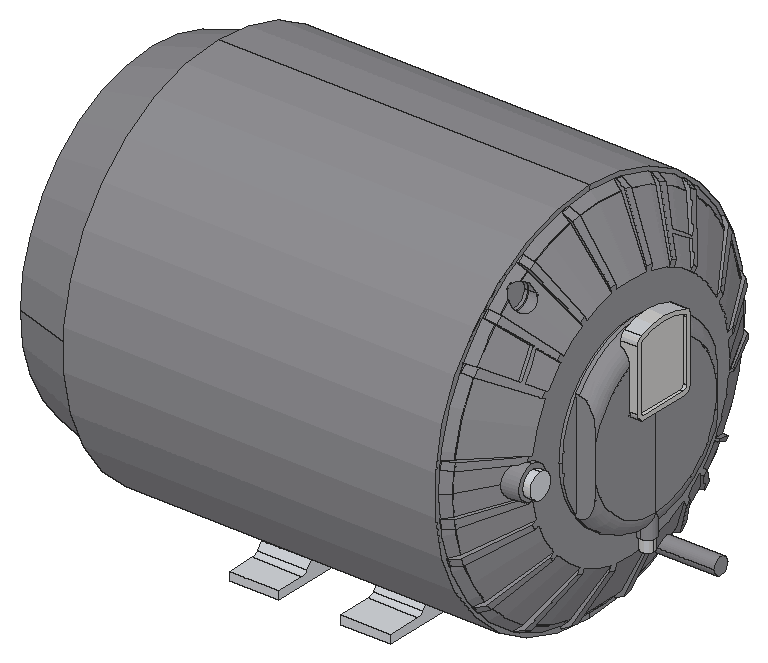
Revit family
Parameters (values of type "610 X 480")
  Outlet Pipe Radius = Outlet Pipe Diameter / 2  # 10 mm
  Heater Diameter = Height - 10 mm  # 470 mm
  Inlet Pipe Radius = Inlet Pipe Diameter / 2  # 10 mm
  Outlet Pipe Diameter = 20 mm
  Inlet Pipe Diameter = 20 mm
  URL = "http://www.autospec.co.za/browse.php?id=1937216687"
  Product Code = "ESG-050-D2-I"
  Operating Pressure = 600 kPa
  OmniClass Title = ""
  OmniClass Number = ""
  Modspec Classification = ""
  Specification = ""
  Material = Galvanised Steel Black
  Mass = "21 Kg"
  Location (revit room) = ""
  Model = "Water Heater Horizontal And Vertical Slimline 600 I Dual - 50 Litre"
  Manufacturer = "Kwikot"  # constant formula
  Length = 610 mm
  Height = 480 mm
  Element Rating = 2 kW
  Colour = none
  Capacity = 50.00 L
  Body Finish = none
  Base Mounting CRS = 135 mm
  Assembly Code = "D3010500"
Reference planes
  plane 1 "Center (Front/Back)": y = 0
  plane 2 "Bottom": z = 0
  plane 3 "Center (Left/Right)": x = 0
  plane 4 "Right": x = 610
  plane 5: y = 470
  plane 6 "Top": z = 480
  plane 7: x = 305
  plane 8: x = 530
  plane 9: x = 80
  plane 10: y = 235
  plane 11: x = 372.5
  plane 12: x = 237.5
  plane 13: z = 10
  plane 14: z = 245
  plane 15: y = 347.5
  plane 16: y = 122.5
  plane 17: x = 540
  plane 18: x = 580
Forms (mm)
  Extrusion 1, solid
    sketch origin (372.5, -1524, -304.8) x (0, 0, -1) y (0, -1, 0)
      loop
        line (-304.8, -1616.5) -> (-314.8, -1616.5) -> (-314.8, -1658.567)
        arc (-314.8, -1658.567) -> (-315.737, -1662.793) -> (-318.372, -1666.227) r 10
        line (-318.372, -1666.227) -> (-326.501, -1673.048)
        arc (-326.501, -1673.048) -> (-341.785, -1692.264) -> (-329.45, -1713.493) r 21.769
        arc (-329.45, -1713.493) -> (-325.46, -1776.227) -> (-338.982, -1837.617) r 225
        arc (-338.982, -1837.617) -> (-338.897, -1845.003) -> (-336.033, -1851.811) r 19.225
        line (-336.033, -1851.811) -> (-318.372, -1858.633)
        arc (-318.372, -1858.633) -> (-315.737, -1862.067) -> (-314.8, -1866.293) r 10
        line (-314.8, -1866.293) -> (-314.8, -1901.5) -> (-304.8, -1901.5) -> (-304.8, -1616.5)
    from -30 to 30
  Extrusion 2, solid, material "Galvanised Steel Black" <- "Material"
    sketch origin (610, -298.705, 1200) x (0, -1, 0) y (0, 0, 1)
      loop
        circle (-533.705, -955) r 110
    from 25 to 30
  Extrusion 3, solid, material "Galvanised Steel Black" <- "Material"
    sketch origin (540, -115.422, 1200) x (0, -1, 0) y (0, 0, 1)
      loop
        circle (-430.422, -1135) r 10
    from -85 to 0
  Extrusion 4, solid, material "Galvanised Steel Black" <- "Material"
    sketch origin (4267.2, -58.321, 240) x (0, -1, 0) y (1, 0, 0)
      loop
        circle (-293.321, -3667.2) r 10
    from -85 to -115
  Revolve 5, solid, material "Galvanised Steel Black" <- "Material"
    sketch origin (4267.2, 235, 635.249) x (0, 0, 1) y (1, 0, 0)
      loop
        line (-390.249, -4187.2) -> (-155.249, -4187.2) -> (-155.249, -3737.2) -> (-390.249, -3737.2) -> (-390.249, -4187.2)
      axis (-390.249, -3737.2) -> (-390.249, -4187.2)
    angle from 0 to 360
  Extrusion 6, solid
    sketch origin (237.5, -1524, -304.8) x (0, 0, -1) y (0, -1, 0)
      loop
        line (-314.8, -1901.5) -> (-304.8, -1901.5) -> (-304.8, -1616.5) -> (-314.8, -1616.5) -> (-314.8, -1651.707)
        arc (-314.8, -1651.707) -> (-315.737, -1655.933) -> (-318.372, -1659.367) r 10
        line (-318.372, -1659.367) -> (-326.501, -1666.189)
        arc (-326.501, -1666.189) -> (-329.74, -1671.289) -> (-329.45, -1677.325) r 10
        arc (-329.45, -1677.325) -> (-314.8, -1759) -> (-329.45, -1840.675) r 235
        arc (-329.45, -1840.675) -> (-329.74, -1846.711) -> (-326.501, -1851.811) r 10
        line (-326.501, -1851.811) -> (-318.372, -1858.633)
        arc (-318.372, -1858.633) -> (-315.737, -1862.067) -> (-314.8, -1866.293) r 10
        line (-314.8, -1866.293) -> (-314.8, -1901.5)
    from -30 to 30
  Revolve 7, solid, material "Galvanised Steel Black" <- "Material"
    sketch origin (4267.2, 235, 635.249) x (0, 0, 1) y (1, 0, 0)
      loop
        line (-390.249, -3682.2) -> (-277.749, -3682.2) -> (-277.749, -3677.2)
        arc (-277.749, -3677.2) -> (-283.606, -3663.058) -> (-297.749, -3657.2) r 20
        line (-297.749, -3657.2) -> (-390.249, -3657.2) -> (-390.249, -3682.2)
      axis (-390.249, -3682.2) -> (-390.249, -3657.2)
    angle from 0 to 360
  Blend 8, solid, material "Galvanised Steel Black" <- "Material"
    base sketch origin (80, -115.422, 1200) x (0, -1, 0) y (0, 0, 1)
      loop
        circle (-350.422, -955) r 225
    top sketch origin (80, -115.422, 1200) x (0, -1, 0) y (0, 0, 1)
      loop
        circle (-350.422, -955) r 200
    from 0 to 80
  Blend 9, solid, material "Galvanised Steel Black" <- "Material"
    base sketch origin (540, -115.422, 1200) x (0, -1, 0) y (0, 0, 1)
      loop
        circle (-350.422, -955) r 220
    top sketch origin (540, -115.422, 1200) x (0, -1, 0) y (0, 0, 1)
      loop
        circle (-350.422, -955) r 150
    from 0 to -40
  Extrusion 10, void
    sketch origin (610, -298.705, 1200) x (0, 1, 0) y (0, 0, 1)
      loop
        arc (443.705, -887.5) -> (421.205, -955) -> (443.705, -1022.5) r 112.5
        line (443.705, -1022.5) -> (443.705, -887.5)
      loop
        arc (626.49, -1021.286) -> (643.004, -989.955) -> (648.705, -955) r 110
        arc (648.705, -955) -> (643.007, -919.65) -> (626.49, -887.881) r 112.5
        line (626.49, -887.881) -> (626.49, -1021.286)
    from 0 to -25
  Extrusion 11, solid, material "Galvanised Steel Black" <- "Material"
    sketch origin (540, -115.422, 1200) x (0, -1, 0) y (0, 0, 1)
      loop
        line (-373.887, -806.847) -> (-386.402, -727.832)
        arc (-386.402, -727.832) -> (-391.349, -728.671) -> (-396.277, -729.617) r 230
        line (-396.277, -729.617) -> (-380.327, -808.011)
        arc (-380.327, -808.011) -> (-377.114, -807.394) -> (-373.887, -806.847) r 150
    from 10 to -40
  Extrusion 12, solid, material "Galvanised Steel Black" <- "Material"
    sketch origin (540, 886.843, 1025.975) x (0, -0.5, 0.866025) y (0, 0.866025, 0.5)
      loop
        line (-399.257, -813.172) -> (-425.303, -737.531)
        arc (-425.303, -737.531) -> (-430.029, -739.216) -> (-434.717, -741.004) r 230
        line (-434.717, -741.004) -> (-405.397, -815.437)
        arc (-405.397, -815.437) -> (-402.34, -814.271) -> (-399.257, -813.172) r 150
      loop
        line (-350.422, -805) -> (-350.422, -725)
        arc (-350.422, -725) -> (-355.44, -725.055) -> (-360.455, -725.219) r 230
        line (-360.455, -725.219) -> (-356.965, -805.143)
        arc (-356.965, -805.143) -> (-353.694, -805.036) -> (-350.422, -805) r 150
    from 10 to -40
  Extrusion 13, solid, material "Galvanised Steel Black" <- "Material"
    sketch origin (540, 1190, 595.422) x (0, 0, 1) y (0, 1, 0)
      loop
        line (-428.238, -826.763) -> (-469.74, -758.37)
        arc (-469.74, -758.37) -> (-471.878, -759.683) -> (-474.001, -761.02) r 230
        line (-474.001, -761.02) -> (-431.017, -828.491)
        arc (-431.017, -828.491) -> (-429.632, -827.62) -> (-428.238, -826.763) r 150
      loop
        line (-363.496, -805.571) -> (-370.468, -725.875)
        arc (-370.468, -725.875) -> (-372.966, -726.108) -> (-375.462, -726.367) r 230
        line (-375.462, -726.367) -> (-366.752, -805.892)
        arc (-366.752, -805.892) -> (-365.125, -805.722) -> (-363.496, -805.571) r 150
    from 10 to -40
  Extrusion 14, solid, material "Galvanised Steel Black" <- "Material"
    sketch origin (540, 1237.265, 70.975) x (0, 0.5, 0.866025) y (0, 0.866025, -0.5)
      loop
        line (-413.815, -819.054) -> (-447.624, -746.549)
        arc (-447.624, -746.549) -> (-452.149, -748.719) -> (-456.624, -750.988) r 230
        line (-456.624, -750.988) -> (-419.684, -821.948)
        arc (-419.684, -821.948) -> (-416.765, -820.469) -> (-413.815, -819.054) r 150
      loop
        line (-384.165, -808.844) -> (-402.161, -730.895)
        arc (-402.161, -730.895) -> (-407.037, -732.077) -> (-411.887, -733.365) r 230
        line (-411.887, -733.365) -> (-390.508, -810.455)
        arc (-390.508, -810.455) -> (-387.345, -809.615) -> (-384.165, -808.844) r 150
    from 10 to -40
  Extrusion 15, solid, material "Galvanised Steel Black" <- "Material"
    sketch origin (540, 585.422, -710) x (0, 1, 0) y (0, 0, -1)
      loop
        line (-373.887, -806.847) -> (-386.402, -727.832)
        arc (-386.402, -727.832) -> (-391.349, -728.671) -> (-396.277, -729.617) r 230
        line (-396.277, -729.617) -> (-380.327, -808.011)
        arc (-380.327, -808.011) -> (-377.114, -807.394) -> (-373.887, -806.847) r 150
      loop
        arc (-326.957, -806.847) -> (-323.731, -807.394) -> (-320.517, -808.011) r 150
        line (-320.517, -808.011) -> (-304.568, -729.617)
        arc (-304.568, -729.617) -> (-309.495, -728.671) -> (-314.442, -727.832) r 230
        line (-314.442, -727.832) -> (-326.957, -806.847)
    from 10 to -40
  Extrusion 16, solid, material "Galvanised Steel Black" <- "Material"
    sketch origin (540, 60.975, -757.265) x (0, 0.866025, -0.5) y (0, -0.5, -0.866025)
      loop
        line (-346.234, -805.058) -> (-344, -725.09)
        arc (-344, -725.09) -> (-349.017, -725.004) -> (-354.035, -725.028) r 230
        line (-354.035, -725.028) -> (-352.778, -805.019)
        arc (-352.778, -805.019) -> (-349.506, -805.003) -> (-346.234, -805.058) r 150
    from 10 to -40
  Extrusion 17, solid, material "Galvanised Steel Black" <- "Material"
    sketch origin (540, -416.843, -535.975) x (0, 0.5, -0.866025) y (0, -0.866025, -0.5)
      loop
        line (-372.594, -806.648) -> (-384.418, -727.526)
        arc (-384.418, -727.526) -> (-389.373, -728.322) -> (-394.308, -729.226) r 230
        line (-394.308, -729.226) -> (-379.044, -807.756)
        arc (-379.044, -807.756) -> (-375.825, -807.167) -> (-372.594, -806.648) r 150
      loop
        line (-320.763, -807.961) -> (-304.945, -729.541)
        arc (-304.945, -729.541) -> (-309.874, -728.603) -> (-314.822, -727.772) r 230
        line (-314.822, -727.772) -> (-327.205, -806.808)
        arc (-327.205, -806.808) -> (-323.978, -807.349) -> (-320.763, -807.961) r 150
    from 10 to -40
  Extrusion 18, solid, material "Galvanised Steel Black" <- "Material"
    sketch origin (540, -720, -105.422) x (0, 0, -1) y (0, -1, 0)
      loop
        line (-326.311, -806.951) -> (-313.451, -727.991)
        arc (-313.451, -727.991) -> (-318.412, -727.238) -> (-323.389, -726.594) r 230
        line (-323.389, -726.594) -> (-332.792, -806.04)
        arc (-332.792, -806.04) -> (-329.546, -806.46) -> (-326.311, -806.951) r 150
      loop
        arc (-374.534, -806.951) -> (-371.298, -806.46) -> (-368.053, -806.04) r 150
        line (-368.053, -806.04) -> (-377.456, -726.594)
        arc (-377.456, -726.594) -> (-382.432, -727.238) -> (-387.393, -727.991) r 230
        line (-387.393, -727.991) -> (-374.534, -806.951)
    from 10 to -40
  Extrusion 19, solid, material "Galvanised Steel Black" <- "Material"
    sketch origin (540, -767.265, 419.025) x (0, -0.5, -0.866025) y (0, -0.866025, 0.5)
      loop
        line (-389.245, -810.111) -> (-397.144, -780.63) -> (-361.221, -778.433) -> (-359.579, -805.28)
        arc (-359.579, -805.28) -> (-356.311, -805.116) -> (-353.04, -805.023) r 150
        line (-353.04, -805.023) -> (-354.436, -725.035)
        arc (-354.436, -725.035) -> (-359.452, -725.177) -> (-364.463, -725.429) r 230
        line (-364.463, -725.429) -> (-361.405, -775.439) -> (-397.937, -777.673) -> (-409.951, -732.837)
        arc (-409.951, -732.837) -> (-414.783, -734.189) -> (-419.585, -735.645) r 230
        line (-419.585, -735.645) -> (-395.528, -811.942)
        arc (-395.528, -811.942) -> (-392.397, -810.993) -> (-389.245, -810.111) r 150
    from 10 to -40
  Extrusion 20, solid, material "Galvanised Steel Black" <- "Material"
    sketch origin (540, -545.975, 896.843) x (0, -0.866025, -0.5) y (0, -0.5, 0.866025)
      loop
        line (-399.257, -813.172) -> (-425.303, -737.531)
        arc (-425.303, -737.531) -> (-430.029, -739.216) -> (-434.717, -741.004) r 230
        line (-434.717, -741.004) -> (-405.397, -815.437)
        arc (-405.397, -815.437) -> (-402.34, -814.271) -> (-399.257, -813.172) r 150
      loop
        line (-353.04, -805.023) -> (-354.436, -725.035)
        arc (-354.436, -725.035) -> (-359.452, -725.177) -> (-364.463, -725.429) r 230
        line (-364.463, -725.429) -> (-359.579, -805.28)
        arc (-359.579, -805.28) -> (-356.311, -805.116) -> (-353.04, -805.023) r 150
    from 10 to -40
  Revolve 21, void
    sketch origin (4267.2, 235, 635.249) x (0, 0, 1) y (1, 0, 0)
      loop
        line (-233.448, -3687.2) -> (-158.904, -3727.2) -> (-158.904, -3687.2) -> (-233.448, -3687.2)
      axis (-390.249, -3727.2) -> (-390.249, -3687.2)
    angle from 0 to 360
  Blend 22, solid, material "Galvanised Steel Black" <- "Material"
    base sketch origin (580, -1524, -304.8) x (0, 0, -1) y (0, -1, 0)
      loop
        circle (-549.8, -1603.132) r 20
    top sketch origin (580, -1524, -304.8) x (0, 0, -1) y (0, -1, 0)
      loop
        circle (-549.8, -1603.132) r 22.5
    from -5 to 18
  Blend 23, solid, material "Galvanised Steel Black"
    base sketch origin (530, -399, 1200) x (0, -1, 0) y (0, 0, 1)
      loop
        circle (-634, -955) r 230
    top sketch origin (530, -399, 1200) x (0, -1, 0) y (0, 0, 1)
      loop
        circle (-634, -955) r 220
    from 0 to -10
  Revolve 24, void
    sketch origin (4267.2, 235, 635.249) x (0, 0, 1) y (1, 0, 0)
      loop
        line (-167.22, -3722.2) -> (-159.15, -3736.178) -> (-159.15, -3722.2) -> (-167.22, -3722.2)
      axis (-390.249, -3736.178) -> (-390.249, -3722.2)
    angle from 0 to 360
  Extrusion 25, solid, material "Galvanised Steel Black" <- "Material"
    sketch origin (540, 1237.265, 419.025) x (0, 0.5, -0.866025) y (0, -0.866025, -0.5)
      loop
        arc (-434.843, 831.012) -> (-437.528, 832.883) -> (-440.171, 834.812) r 150
        line (-440.171, 834.812) -> (-488.037, 770.712)
        arc (-488.037, 770.712) -> (-483.984, 767.753) -> (-479.867, 764.884) r 230
        line (-479.867, 764.884) -> (-453.743, 803.253) -> (-420.856, 787.035) -> (-439.366, 742.894)
        arc (-439.366, 742.894) -> (-434.717, 741.004) -> (-430.029, 739.216) r 230
        line (-430.029, 739.216) -> (-402.34, 814.271)
        arc (-402.34, 814.271) -> (-405.397, 815.437) -> (-408.429, 816.67) r 150
        line (-408.429, 816.67) -> (-419.681, 789.836) -> (-452.02, 805.783) -> (-434.843, 831.012)
    from 10 to -40
  Extrusion 26, solid
    sketch origin (585, -1524, -304.8) x (0, 0, 1) y (0, -1, 0)
      loop
        circle (549.8, -1603.132) r 15
    from 0 to 10
  Extrusion 27, void
    sketch origin (540, -115.422, 1200) x (0, 1, 0) y (0, 0, 1)
      loop
        circle (229.589, -783.355) r 15
    from -5 to 30
  Extrusion 28, solid, material "Galvanised Steel"
    sketch origin (610, -298.705, 1200) x (0, -1, 0) y (0, 0, 1)
      loop
        arc (-503.705, -930) -> (-496.634, -927.071) -> (-493.705, -920) r 10
        line (-493.705, -920) -> (-493.705, -846.261)
        arc (-493.705, -846.261) -> (-495.339, -840.784) -> (-499.705, -837.096) r 10
        arc (-499.705, -837.096) -> (-533.705, -830) -> (-567.705, -837.096) r 85
        arc (-567.705, -837.096) -> (-572.072, -840.784) -> (-573.705, -846.261) r 10
        line (-573.705, -846.261) -> (-573.705, -920)
        arc (-573.705, -920) -> (-570.776, -927.071) -> (-563.705, -930) r 10
        line (-563.705, -930) -> (-503.705, -930)
    from -10 to 10
  Extrusion 29, void
    sketch origin (610, -298.705, 1200) x (0, 1, 0) y (0, 0, 1)
      loop
        line (568.705, -920) -> (568.705, -846.261)
        arc (568.705, -846.261) -> (567.889, -843.523) -> (565.705, -841.679) r 5
        arc (565.705, -841.679) -> (533.705, -835) -> (501.705, -841.679) r 80
        arc (501.705, -841.679) -> (499.522, -843.523) -> (498.705, -846.261) r 5
        line (498.705, -846.261) -> (498.705, -920)
        arc (498.705, -920) -> (500.17, -923.536) -> (503.705, -925) r 5
        line (503.705, -925) -> (563.705, -925)
        arc (563.705, -925) -> (567.241, -923.536) -> (568.705, -920) r 5
    from 5 to 10
  Extrusion 30, solid, material "Galvanised Steel"
    sketch origin (4267.2, -58.321, 125) x (1, 0, 0) y (0, -1, 0)
      loop
        circle (-3667.2, -293.321) r 8
    from 0 to 15
Cuts and joins
  Extrusion 10 cuts Extrusion 4
  Extrusion 10 cuts Revolve 7
  joined: Extrusion 4, Revolve 7
  Revolve 21, Extrusion 27 cuts Revolve 5
  Revolve 21, Extrusion 27 cuts Blend 9
  Revolve 21, Revolve 24, Extrusion 27 cuts Extrusion 11
  Revolve 21, Revolve 24, Extrusion 27 cuts Extrusion 12
  Revolve 21, Revolve 24, Extrusion 27 cuts Extrusion 13
  Revolve 21, Revolve 24, Extrusion 27 cuts Extrusion 14
  Revolve 21, Revolve 24, Extrusion 27 cuts Extrusion 15
  Revolve 21, Revolve 24, Extrusion 27 cuts Extrusion 16
  Revolve 21, Revolve 24, Extrusion 27 cuts Extrusion 17
  Revolve 21, Revolve 24, Extrusion 27 cuts Extrusion 18
  Revolve 21, Revolve 24, Extrusion 27 cuts Extrusion 19
  Revolve 21, Revolve 24, Extrusion 27 cuts Extrusion 20
  Extrusion 27 cuts Blend 22
  joined: Revolve 5, Blend 9, Extrusion 11, Extrusion 12, Extrusion 13, Extrusion 14, Extrusion 15, Extrusion 16, Extrusion 17, Extrusion 18, Extrusion 19, Extrusion 20, Blend 22
  Revolve 21 cuts Extrusion 2
  Revolve 24 cuts Extrusion 3
  Revolve 24, Extrusion 27 cuts Blend 23
  Revolve 21, Revolve 24 cuts Extrusion 25
  Extrusion 29 cuts Extrusion 28
Lines and regions (mm)
  symbolic lines
    curve 1: line (80, 470, 480) -> (80, 0, 480)
    curve 2: line (530, 470, 480) -> (530, 0, 480)
    curve 3: line (585, 125, 480) -> (585, 345, 480)
    curve 4: line (610, 145, 480) -> (610, 327.785, 480)
    curve 5: line (80, 470, 480) -> (530, 470, 480)
    curve 6: line (80, 0, 480) -> (530, 0, 480)
    curve 7: line (585, 125, 480) -> (580, 125, 480)
    curve 8: line (585, 345, 480) -> (580, 345, 480)
    curve 9: line (585, 145, 480) -> (610, 145, 480)
    curve 10: line (585, 327.785, 480) -> (610, 327.785, 480)
    curve 11: line (0, 435, 480) -> (0, 35, 480)
    curve 12: line (540, 455, 480) -> (540, 15, 480)
    curve 13: line (580, 85.229, 480) -> (580, 387.223, 480)
    curve 14: line (540, 455, 480) -> (580, 387.223, 480)
    curve 15: line (540, 15, 480) -> (580, 85.229, 480)
    curve 16: line (0, 435, 480) -> (80, 460.005, 480)
    curve 17: line (0, 35, 480) -> (80, 10.01, 480)
    curve 18: line (625, 305, 480) -> (625, 325, 480)
    curve 19: line (625, 325, 480) -> (580, 325, 480)
    curve 20: line (625, 305, 480) -> (580, 305, 480)
    curve 21: line (540, 455, 480) -> (530, 465, 480)
    curve 22: line (540, 15, 480) -> (530, 5, 480)
    curve 23: line (595, 64.132, 480) -> (595, 94.132, 480)
    curve 24: line (585, 59.132, 480) -> (585, 99.132, 480)
    curve 25: line (595, 94.132, 480) -> (585, 94.132, 480)
    curve 26: line (595, 64.132, 480) -> (585, 64.132, 480)
    curve 27: line (585, 99.132, 480) -> (580, 99.746, 480)
    curve 28: line (585, 59.132, 480) -> (563.91, 56.842, 480)
    curve 29: arc (600, 225, 480) -> (610, 235, 480) -> (600, 245, 480) r 10
    curve 30: arc (600, 245, 480) -> (590, 235, 480) -> (600, 225, 480) r 10
    curve 31: line (620, 195, 480) -> (620, 275, 480)
    curve 32: line (600, 275, 480) -> (600, 195, 480)
    curve 33: line (620, 275, 480) -> (600, 275, 480)
    curve 34: line (620, 195, 480) -> (600, 195, 480)
    curve 35: line (615, 270, 480) -> (615, 200, 480)
    curve 36: line (615, 270, 480) -> (620, 270, 480)
    curve 37: line (615, 200, 480) -> (620, 200, 480)
  symbolic lines, detail levels medium+fine
    curve 38: arc (608, 235, 480) -> (600, 227, 480) -> (592, 235, 480) r 8
    curve 39: arc (592, 235, 480) -> (600, 243, 480) -> (608, 235, 480) r 8
Dimensions and locks
  "Length": plane 3 "Center (Left/Right)" to plane 4 "Right"
  "Height": plane 6 "Top" to plane 2 "Bottom"
  equal spacing: plane 3 "Center (Left/Right)", plane 7, plane 4 "Right"
  plane 8 to plane 4 "Right" = 80 mm
  plane 3 "Center (Left/Right)" to plane 9 = 80 mm
  "Base Mounting CRS": plane 12 to plane 11
  equal spacing: plane 12, plane 7, plane 11
  Extrusion 3 sketch curve to plane 2 "Bottom" = 65 mm
  Extrusion 3 sketch curve to plane 5 = 155 mm
  Extrusion 4 sketch curve to plane 4 "Right" = 10 mm
  "Heater Diameter": plane 6 "Top" to plane 13
  equal spacing: plane 6 "Top", plane 14, plane 13
  "Heater Diameter": plane 1 "Center (Front/Back)" to plane 5
  equal spacing: plane 1 "Center (Front/Back)", plane 10, plane 5
  plane 16 to plane 15 = 225 mm
  plane 15 to plane 16 = 225 mm
  equal spacing: plane 15, plane 10, plane 16
  plane 18 to plane 4 "Right" = 30 mm
  plane 17 to plane 18 = 40 mm
  Extrusion 28 sketch curve to plane 10 = 40 mm
  plane 10 to Extrusion 28 sketch curve = 40 mm
  "Inlet Pipe Radius": radius of Extrusion 3 sketch curve
  aligned and locked: level to plane 2 "Bottom"
  aligned and locked: level to Extrusion 1 sketch curve
  aligned: Extrusion 2 to Extrusion 3
  aligned: Extrusion 3 to plane 4 "Right"
  aligned and locked: plane 10 to Extrusion 4 sketch curve
  aligned and locked: curve 3 to Extrusion 2
  aligned and locked: plane 14 to Revolve 5 sketch curve
  aligned and locked: Revolve 5 sketch curve to plane 9
  aligned and locked: Revolve 5 sketch curve to plane 6 "Top"
  aligned and locked: plane 8 to Revolve 5 sketch curve
  aligned and locked: Revolve 5 sketch curve to plane 14
  aligned and locked: plane 1 "Center (Front/Back)" to curve 6
  aligned and locked: Extrusion 6 sketch curve to Extrusion 1  (x5)
  aligned and locked: plane 14 to Extrusion 2 sketch curve
  aligned and locked: plane 10 to Extrusion 2 sketch curve
  aligned and locked: Revolve 7 sketch curve to Extrusion 2  (x2)
  aligned and locked: plane 4 "Right" to Revolve 7 sketch curve
  aligned and locked: plane 14 to Revolve 7 sketch curve
  aligned and locked: plane 17 to Blend 9
  aligned and locked: Extrusion 10 sketch curve to cut or joined group of Extrusion 4, Revolve 7, Extrusion 10
  aligned and locked: Extrusion 10 to Extrusion 2
  aligned and locked: plane 14 to Revolve 21 sketch curve
  aligned: cut or joined group of Revolve 5, Blend 9, Extrusion 11, Extrusion 12, Extrusion 13, Extrusion 14, Extrusion 15, Extrusion 16, Extrusion 17, Extrusion 18, Extrusion 19, Extrusion 20, Revolve 21, Blend 22, Revolve 24, Extrusion 27 to plane 18
  aligned: plane 18 to cut or joined group of Extrusion 2, Revolve 21
  aligned and locked: curve 29 to cut or joined group of Extrusion 4, Revolve 7, Extrusion 10
  aligned and locked: curve 30 to cut or joined group of Extrusion 4, Revolve 7, Extrusion 10
  aligned and locked: curve 31 to cut or joined group of Extrusion 28, Extrusion 29
  aligned and locked: curve 32 to cut or joined group of Extrusion 28, Extrusion 29
  aligned and locked: curve 33 to cut or joined group of Extrusion 28, Extrusion 29
  aligned and locked: curve 34 to cut or joined group of Extrusion 28, Extrusion 29
  aligned and locked: curve 35 to cut or joined group of Extrusion 28, Extrusion 29
  aligned and locked: curve 36 to cut or joined group of Extrusion 28, Extrusion 29
  aligned and locked: curve 37 to cut or joined group of Extrusion 28, Extrusion 29
  aligned and locked: curve 38 to Extrusion 30
  aligned and locked: curve 39 to Extrusion 30
Automatic sketch dimensions
  Extrusion 1 sketch curve to plane 10 = 0 mm
  Extrusion 1 sketch curve to plane 14 = 0 mm
  Extrusion 1 sketch curve to plane 13 = 0 mm  (x2)
  plane 13 to Extrusion 1 sketch curve = 24.182 mm
  Extrusion 1 sketch curve to Extrusion 1 sketch curve = 2.949 mm
  plane 13 to Extrusion 1 sketch curve = 14.65 mm
  plane 13 to Extrusion 1 sketch curve = 11.701 mm
  plane 13 to Extrusion 1 sketch curve = 10 mm  (x2)
  plane 13 to Extrusion 1 sketch curve = 5.273 mm  (x2)
  plane 13 to Extrusion 1 sketch curve = 3.572 mm  (x2)
  plane 10 to Extrusion 1 sketch curve = 78.617 mm
  Extrusion 1 sketch curve to Extrusion 1 sketch curve = 3.476 mm
  Extrusion 1 sketch curve to plane 15 = 12.867 mm
  plane 15 to Extrusion 1 sketch curve = 30 mm
  Extrusion 1 sketch curve to Extrusion 1 sketch curve = 19.646 mm
  Extrusion 1 sketch curve to Extrusion 1 sketch curve = 6.821 mm
  Extrusion 1 sketch curve to plane 16 = 30 mm
  Revolve 5 sketch curve to plane 3 "Center (Left/Right)" = 30 mm
  Revolve 5 sketch curve to plane 4 "Right" = 40 mm
  Extrusion 6 sketch curve to plane 10 = 0 mm
  Extrusion 6 sketch curve to plane 14 = 0 mm
  plane 13 to Extrusion 6 sketch curve = 14.65 mm  (x2)
  Extrusion 6 sketch curve to Extrusion 6 sketch curve = 0 mm  (x2)
  Extrusion 6 sketch curve to Extrusion 6 sketch curve = 2.949 mm  (x2)
  plane 16 to Extrusion 6 sketch curve = 5.207 mm
  Extrusion 6 sketch curve to Extrusion 6 sketch curve = 10 mm
  plane 13 to Extrusion 6 sketch curve = 5.273 mm  (x2)
  plane 13 to Extrusion 6 sketch curve = 3.572 mm  (x2)
  Extrusion 6 sketch curve to Extrusion 6 sketch curve = 6.821 mm
  Blend 8 sketch curve to plane 10 = 0 mm  (x2)
  Blend 8 sketch curve to plane 14 = 0 mm  (x2)
  Blend 9 sketch curve to plane 10 = 0 mm  (x2)
  Blend 9 sketch curve to plane 14 = 0 mm  (x2)
  plane 16 to Extrusion 10 sketch curve = 22.5 mm
  Extrusion 11 sketch curve to Extrusion 11 sketch curve = 0 mm  (x4)
  plane 10 to Extrusion 11 sketch curve = 23.465 mm
  Extrusion 11 sketch curve to Extrusion 11 sketch curve = 6.44 mm
  Extrusion 11 sketch curve to plane 6 "Top" = 7.832 mm
  plane 10 to Extrusion 11 sketch curve = 35.98 mm
  Extrusion 11 sketch curve to plane 6 "Top" = 9.617 mm
  Extrusion 13 sketch curve to Extrusion 13 sketch curve = 0 mm  (x12)
  Extrusion 13 sketch curve to plane 10 = 0 mm
  Extrusion 13 sketch curve to plane 14 = 0 mm
  Extrusion 13 sketch curve to plane 14 = 13.073 mm
  Extrusion 13 sketch curve to Extrusion 13 sketch curve = 3.257 mm
  Extrusion 13 sketch curve to plane 5 = 5.875 mm
  Extrusion 13 sketch curve to plane 14 = 20.046 mm
  Extrusion 13 sketch curve to plane 5 = 6.367 mm
  plane 15 to Extrusion 13 sketch curve = 15.737 mm
  Extrusion 13 sketch curve to Extrusion 13 sketch curve = 61.486 mm
  Extrusion 13 sketch curve to Extrusion 13 sketch curve = 2.779 mm
  Extrusion 13 sketch curve to plane 5 = 38.37 mm
  Extrusion 13 sketch curve to Extrusion 13 sketch curve = 41.502 mm
  Extrusion 13 sketch curve to Extrusion 13 sketch curve = 4.261 mm
  plane 15 to Extrusion 13 sketch curve = 36.608 mm
  Extrusion 14 sketch curve to Extrusion 14 sketch curve = 0 mm  (x12)
  Extrusion 14 sketch curve to plane 10 = 0 mm
  Extrusion 14 sketch curve to plane 14 = 0 mm
  Extrusion 14 sketch curve to Extrusion 14 sketch curve = 33.743 mm
  Extrusion 14 sketch curve to Extrusion 14 sketch curve = 6.343 mm
  Extrusion 14 sketch curve to Extrusion 14 sketch curve = 17.996 mm
  Extrusion 14 sketch curve to Extrusion 14 sketch curve = 9.726 mm
  Extrusion 14 sketch curve to Extrusion 14 sketch curve = 23.307 mm
  Extrusion 14 sketch curve to Extrusion 14 sketch curve = 5.87 mm
  Extrusion 14 sketch curve to Extrusion 14 sketch curve = 35.737 mm
  Extrusion 14 sketch curve to Extrusion 14 sketch curve = 9 mm
  Extrusion 14 sketch curve to Extrusion 14 sketch curve = 133.052 mm
  Extrusion 14 sketch curve to Extrusion 14 sketch curve = 8.598 mm
  Extrusion 14 sketch curve to Extrusion 14 sketch curve = 70.961 mm
  Extrusion 14 sketch curve to Extrusion 14 sketch curve = 13.184 mm
  Extrusion 15 sketch curve to Extrusion 15 sketch curve = 0 mm  (x12)
  Extrusion 15 sketch curve to plane 10 = 0 mm
  Extrusion 15 sketch curve to plane 14 = 0 mm
  Extrusion 15 sketch curve to plane 10 = 23.465 mm
  Extrusion 15 sketch curve to Extrusion 15 sketch curve = 6.44 mm  (x2)
  plane 13 to Extrusion 15 sketch curve = 7.832 mm  (x2)
  Extrusion 15 sketch curve to plane 10 = 35.98 mm
  plane 13 to Extrusion 15 sketch curve = 9.617 mm  (x2)
  plane 10 to Extrusion 15 sketch curve = 23.465 mm
  plane 10 to Extrusion 15 sketch curve = 35.98 mm
  Extrusion 15 sketch curve to Extrusion 15 sketch curve = 78.394 mm
  Extrusion 15 sketch curve to Extrusion 15 sketch curve = 1.165 mm
  Extrusion 16 sketch curve to Extrusion 16 sketch curve = 0 mm  (x2)
  Extrusion 16 sketch curve to plane 10 = 0 mm
  Extrusion 16 sketch curve to plane 14 = 0 mm
  Extrusion 16 sketch curve to Extrusion 16 sketch curve = 2.356 mm
  Extrusion 16 sketch curve to Extrusion 16 sketch curve = 1.257 mm
  Extrusion 16 sketch curve to Extrusion 16 sketch curve = 6.544 mm
  Extrusion 16 sketch curve to Extrusion 16 sketch curve = 10.035 mm
  Extrusion 16 sketch curve to Extrusion 16 sketch curve = 149.942 mm
  Extrusion 16 sketch curve to Extrusion 16 sketch curve = 79.969 mm
  Extrusion 17 sketch curve to Extrusion 17 sketch curve = 0 mm  (x12)
  Extrusion 17 sketch curve to plane 10 = 0 mm
  Extrusion 17 sketch curve to plane 14 = 0 mm
  Extrusion 17 sketch curve to Extrusion 17 sketch curve = 22.171 mm
  Extrusion 17 sketch curve to Extrusion 17 sketch curve = 6.45 mm
  Extrusion 17 sketch curve to Extrusion 17 sketch curve = 11.825 mm
  Extrusion 17 sketch curve to Extrusion 17 sketch curve = 9.89 mm
  Extrusion 17 sketch curve to Extrusion 17 sketch curve = 45.389 mm
  Extrusion 17 sketch curve to Extrusion 17 sketch curve = 6.442 mm
  Extrusion 17 sketch curve to Extrusion 17 sketch curve = 69.596 mm
  Extrusion 17 sketch curve to Extrusion 17 sketch curve = 9.878 mm
  Extrusion 17 sketch curve to Extrusion 17 sketch curve = 147.039 mm
  Extrusion 17 sketch curve to Extrusion 17 sketch curve = 0.948 mm
  Extrusion 17 sketch curve to Extrusion 17 sketch curve = 78.421 mm
  Extrusion 17 sketch curve to Extrusion 17 sketch curve = 1.454 mm
  Extrusion 18 sketch curve to Extrusion 18 sketch curve = 0 mm  (x12)
  Extrusion 18 sketch curve to plane 10 = 0 mm
  Extrusion 18 sketch curve to plane 14 = 0 mm
  plane 14 to Extrusion 18 sketch curve = 17.631 mm
  Extrusion 18 sketch curve to Extrusion 18 sketch curve = 6.481 mm  (x2)
  Extrusion 18 sketch curve to plane 1 "Center (Front/Back)" = 6.594 mm  (x2)
  plane 14 to Extrusion 18 sketch curve = 27.034 mm
  Extrusion 18 sketch curve to plane 1 "Center (Front/Back)" = 7.991 mm  (x2)
  Extrusion 18 sketch curve to plane 14 = 17.631 mm
  Extrusion 18 sketch curve to plane 14 = 27.034 mm
  Extrusion 18 sketch curve to plane 16 = 35.549 mm  (x2)
  Extrusion 19 sketch curve to Extrusion 19 sketch curve = 0 mm  (x12)
  Extrusion 19 sketch curve to plane 10 = 0 mm
  Extrusion 19 sketch curve to plane 14 = 0 mm
  Extrusion 19 sketch curve to Extrusion 19 sketch curve = 2.618 mm
  Extrusion 19 sketch curve to Extrusion 19 sketch curve = 1.396 mm
  Extrusion 19 sketch curve to Extrusion 19 sketch curve = 6.539 mm
  Extrusion 19 sketch curve to Extrusion 19 sketch curve = 1.642 mm
  Extrusion 19 sketch curve to Extrusion 19 sketch curve = 0.183 mm
  Extrusion 19 sketch curve to Extrusion 19 sketch curve = 10.027 mm
  Extrusion 19 sketch curve to Extrusion 19 sketch curve = 29.666 mm
  Extrusion 19 sketch curve to Extrusion 19 sketch curve = 6.283 mm
  Extrusion 19 sketch curve to Extrusion 19 sketch curve = 7.899 mm
  Extrusion 19 sketch curve to Extrusion 19 sketch curve = 0.792 mm
  Extrusion 19 sketch curve to Extrusion 19 sketch curve = 45.487 mm
  Extrusion 19 sketch curve to Extrusion 19 sketch curve = 9.634 mm
  Extrusion 19 sketch curve to Extrusion 19 sketch curve = 143.058 mm
  Extrusion 19 sketch curve to Extrusion 19 sketch curve = 4.831 mm
  Extrusion 19 sketch curve to Extrusion 19 sketch curve = 29.481 mm
  Extrusion 19 sketch curve to Extrusion 19 sketch curve = 2.957 mm
  Extrusion 19 sketch curve to Extrusion 19 sketch curve = 2.994 mm
  Extrusion 19 sketch curve to Extrusion 19 sketch curve = 42.028 mm
  Extrusion 20 sketch curve to Extrusion 20 sketch curve = 0 mm  (x12)
  Extrusion 20 sketch curve to plane 10 = 0 mm
  Extrusion 20 sketch curve to plane 14 = 0 mm
  Extrusion 20 sketch curve to Extrusion 20 sketch curve = 2.618 mm
  Extrusion 20 sketch curve to Extrusion 20 sketch curve = 1.396 mm
  Extrusion 20 sketch curve to Extrusion 20 sketch curve = 6.539 mm
  Extrusion 20 sketch curve to Extrusion 20 sketch curve = 10.027 mm
  Extrusion 20 sketch curve to Extrusion 20 sketch curve = 39.678 mm
  Extrusion 20 sketch curve to Extrusion 20 sketch curve = 6.14 mm
  Extrusion 20 sketch curve to Extrusion 20 sketch curve = 60.84 mm
  Extrusion 20 sketch curve to Extrusion 20 sketch curve = 9.415 mm
  Extrusion 20 sketch curve to Extrusion 20 sketch curve = 139.563 mm
  Extrusion 20 sketch curve to Extrusion 20 sketch curve = 7.892 mm
  Extrusion 20 sketch curve to Extrusion 20 sketch curve = 74.433 mm
  Extrusion 20 sketch curve to Extrusion 20 sketch curve = 12.102 mm
  plane 18 to Revolve 21 sketch curve = 0 mm
  plane 17 to Revolve 21 sketch curve = 0 mm
  Revolve 21 sketch curve to plane 6 "Top" = 78.199 mm
  Revolve 21 sketch curve to plane 6 "Top" = 3.655 mm
  plane 8 to Revolve 21 sketch curve = 30 mm
  Revolve 21 sketch curve to plane 4 "Right" = 30 mm
  Blend 22 sketch curve to plane 14 = 0 mm  (x2)
  Blend 22 sketch curve to plane 16 = 43.368 mm  (x2)
  Blend 23 sketch curve to plane 10 = 0 mm  (x2)
  Blend 23 sketch curve to plane 14 = 0 mm  (x2)
  Revolve 24 sketch curve to plane 14 = 0 mm
  Revolve 24 sketch curve to plane 17 = 5 mm
  Revolve 24 sketch curve to plane 6 "Top" = 11.971 mm
  Revolve 24 sketch curve to plane 8 = 1.022 mm
  Revolve 24 sketch curve to plane 6 "Top" = 3.901 mm
  plane 8 to Revolve 24 sketch curve = 20 mm
  Revolve 24 sketch curve to plane 4 "Right" = 5 mm
  Extrusion 11 sketch curve to plane 10 = 0 mm
  Extrusion 11 sketch curve to plane 14 = 0 mm
  Extrusion 11 sketch curve to Extrusion 11 sketch curve = 78.394 mm
  Extrusion 25 sketch curve to Extrusion 25 sketch curve = 0 mm  (x12)
  Extrusion 25 sketch curve to plane 10 = 0 mm
  Extrusion 25 sketch curve to plane 14 = 0 mm
  Extrusion 25 sketch curve to Extrusion 25 sketch curve = 51.918 mm
  Extrusion 25 sketch curve to Extrusion 25 sketch curve = 6.089 mm
  Extrusion 25 sketch curve to Extrusion 25 sketch curve = 11.252 mm
  Extrusion 25 sketch curve to Extrusion 25 sketch curve = 1.175 mm
  Extrusion 25 sketch curve to Extrusion 25 sketch curve = 9.173 mm
  Extrusion 25 sketch curve to Extrusion 25 sketch curve = 26.414 mm
  Extrusion 25 sketch curve to Extrusion 25 sketch curve = 9.337 mm
  Extrusion 25 sketch curve to Extrusion 25 sketch curve = 5.328 mm
  Extrusion 25 sketch curve to Extrusion 25 sketch curve = 17.177 mm
  Extrusion 25 sketch curve to Extrusion 25 sketch curve = 1.723 mm
  Extrusion 25 sketch curve to Extrusion 25 sketch curve = 40.502 mm
  Extrusion 25 sketch curve to Extrusion 25 sketch curve = 8.17 mm
  Extrusion 25 sketch curve to Extrusion 25 sketch curve = 120.188 mm
  Extrusion 25 sketch curve to Extrusion 25 sketch curve = 14.342 mm
  Extrusion 25 sketch curve to Extrusion 25 sketch curve = 25.228 mm
  Extrusion 25 sketch curve to Extrusion 25 sketch curve = 2.531 mm
  Extrusion 25 sketch curve to Extrusion 25 sketch curve = 26.834 mm
  Extrusion 25 sketch curve to Extrusion 25 sketch curve = 2.801 mm
  Extrusion 25 sketch curve to Extrusion 25 sketch curve = 32.541 mm
  Extrusion 25 sketch curve to Extrusion 25 sketch curve = 21.991 mm
  Extrusion 12 sketch curve to Extrusion 12 sketch curve = 0 mm  (x12)
  Extrusion 12 sketch curve to plane 10 = 0 mm
  Extrusion 12 sketch curve to plane 14 = 0 mm
  Extrusion 12 sketch curve to Extrusion 12 sketch curve = 6.543 mm
  Extrusion 12 sketch curve to Extrusion 12 sketch curve = 10.032 mm
  Extrusion 12 sketch curve to Extrusion 12 sketch curve = 42.292 mm
  Extrusion 12 sketch curve to Extrusion 12 sketch curve = 6.14 mm
  Extrusion 12 sketch curve to Extrusion 12 sketch curve = 64.848 mm
  Extrusion 12 sketch curve to Extrusion 12 sketch curve = 9.415 mm
  Extrusion 12 sketch curve to Extrusion 12 sketch curve = 139.563 mm
  Extrusion 12 sketch curve to Extrusion 12 sketch curve = 8.029 mm
  Extrusion 12 sketch curve to Extrusion 12 sketch curve = 74.433 mm
  Extrusion 12 sketch curve to Extrusion 12 sketch curve = 12.312 mm
  Extrusion 27 sketch curve to plane 16 = 8.334 mm
  Extrusion 27 sketch curve to plane 6 "Top" = 63.355 mm
  Revolve 7 sketch curve to plane 6 "Top" = 142.5 mm
  Revolve 7 sketch curve to plane 18 = 10 mm
  Revolve 7 sketch curve to plane 17 = 15 mm
  Revolve 7 sketch curve to plane 4 "Right" = 15 mm
  Extrusion 10 sketch curve to Extrusion 10 sketch curve = 2.5 mm
  Extrusion 10 sketch curve to Extrusion 10 sketch curve = 0 mm
  Extrusion 10 sketch curve to plane 15 = 19.715 mm
  Extrusion 10 sketch curve to Extrusion 10 sketch curve = 5 mm
  plane 15 to Extrusion 10 sketch curve = 2.5 mm
  Extrusion 28 sketch curve to plane 10 = 0 mm
  Extrusion 28 sketch curve to Extrusion 28 sketch curve = 0 mm  (x2)
  Extrusion 28 sketch curve to Extrusion 28 sketch curve = 4 mm
  Extrusion 28 sketch curve to Extrusion 28 sketch curve = 10 mm  (x3)
  plane 14 to Extrusion 28 sketch curve = 25 mm
  Extrusion 28 sketch curve to Extrusion 28 sketch curve = 5 mm
  Extrusion 28 sketch curve to Extrusion 28 sketch curve = 6 mm
  Extrusion 29 sketch curve to plane 10 = 0 mm
  Extrusion 29 sketch curve to plane 10 = 30 mm
  Extrusion 29 sketch curve to Extrusion 29 sketch curve = 2 mm
  Extrusion 29 sketch curve to Extrusion 29 sketch curve = 5 mm  (x4)
  plane 10 to Extrusion 29 sketch curve = 30 mm
  plane 10 to Extrusion 29 sketch curve = 32 mm
  plane 14 to Extrusion 29 sketch curve = 30 mm
  Extrusion 29 sketch curve to Extrusion 29 sketch curve = 4.583 mm  (x2)
  curve 10 to plane 4 "Right" = 0 mm
  curve 8 to plane 18 = 0 mm
  curve 14 to plane 17 = 0 mm
  curve 22 to plane 8 = 0 mm
  curve 1 to plane 9 = 0 mm
  curve 11 to plane 3 "Center (Left/Right)" = 0 mm
  curve 5 to plane 5 = 0 mm
  curve 18 to plane 4 "Right" = 15 mm
  plane 4 "Right" to curve 23 = 15 mm
  curve 27 to plane 18 = 5 mm
  plane 16 to curve 3 = 2.5 mm
  curve 3 to curve 7 = 5 mm
  plane 18 to curve 28 = 16.09 mm
  curve 21 to plane 5 = 5 mm
  curve 1 to curve 16 = 9.995 mm
  curve 21 to curve 21 = 10 mm
  curve 16 to plane 5 = 35 mm
  plane 15 to curve 14 = 39.723 mm
  curve 8 to plane 15 = 2.5 mm
  curve 4 to plane 15 = 19.715 mm
  curve 4 to curve 19 = 2.785 mm
  curve 19 to curve 20 = 20 mm
  plane 16 to curve 9 = 22.5 mm
  curve 27 to plane 16 = 22.754 mm
  curve 27 to curve 27 = 0.614 mm
  curve 24 to curve 25 = 5 mm
  curve 25 to curve 13 = 8.903 mm
  curve 13 to curve 23 = 21.097 mm
  curve 26 to curve 24 = 5 mm
  curve 24 to curve 28 = 2.29 mm
  curve 11 to plane 1 "Center (Front/Back)" = 35 mm
  curve 15 to plane 1 "Center (Front/Back)" = 15 mm
  curve 17 to plane 1 "Center (Front/Back)" = 10.01 mm
  curve 22 to plane 1 "Center (Front/Back)" = 5 mm
  radius of Extrusion 2 sketch curve = 110 mm
  radius of Extrusion 4 sketch curve = 10 mm
  radius of Blend 8 sketch curve = 225 mm
  radius of Blend 8 sketch curve = 200 mm
  radius of Blend 9 sketch curve = 220 mm
  radius of Blend 9 sketch curve = 150 mm
  radius of Blend 22 sketch curve = 20 mm
  radius of Blend 22 sketch curve = 22.5 mm
  radius of Blend 23 sketch curve = 230 mm
  radius of Blend 23 sketch curve = 220 mm
  radius of Extrusion 26 sketch curve to Blend 22 = 5 mm
  radius of Extrusion 27 sketch curve = 15 mm
  radius of Extrusion 30 sketch curve to Extrusion 4 = 2 mm
Connectors
  piping at (625, 315, 65), driven by "Inlet Pipe Radius"
    settings: on Extrusion 3, index 2, connector radius 10 mm, flow factor 0, pipe flow 0.0 L/s, pressure drop 0 kPa, fitting loss kfactor 0, connector angle 0.00°, fixture units 0, flow configuration 0, flow direction 1, fitting loss method 0, system type 20, connector reference index -1, connector utility 0, adjustable connector no, is connector primary yes, fitting loss table "", connector description "Inlet Connection"
  electrical at (615, 235, 316.765), driven by "Element Rating"
    settings: on cut or joined group of Extrusion 28, Extrusion 29, index 4, voltage 0 V, apparent load 0 kW, apparent load phase1 2 kW, apparent load phase2 0 kW, apparent load phase3 0 kW, power factor 1, load classification "Other", number of poles 1, system type 31, power factor state 1, is connector primary yes, connector utility no, sub classification motor no, connector description ""
